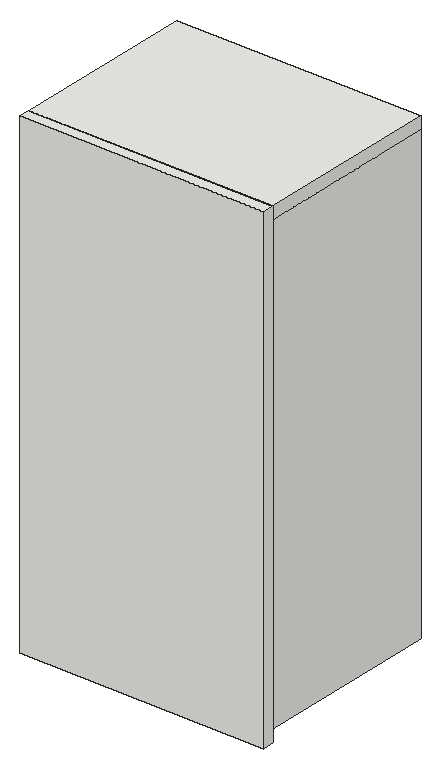
Revit family
Parameters (values of type "400x788x320-hi")
  폭 = 400 mm
  Assembly Code = ""
  높이 = 788 mm
  깊이 = 320 mm
  가구 재질 = 가구-하이그로시
Reference planes
  plane 1 "중심(앞/뒤)": y = 0
  plane 2: z = 0
  plane 3: x = -460.6
  plane 4: x = -60.6
  plane 5 "뒷면": y = 320
  plane 6: z = 788
  plane 7 "상판 하단": z = 768
  plane 8 "하판": z = 20
Forms (mm)
  Extrusion 1, solid, material "가구-하이그로시" <- "가구 재질"
    sketch origin (0, 0, 768) x (-1, 0, 0) y (0, -1, 0)
      loop
        line (460.6, -18) -> (60.6, -18) -> (60.6, -320) -> (460.6, -320) -> (460.6, -18)
    from 0 to 20
  Extrusion 2, solid, material "가구-하이그로시" <- "가구 재질"
    sketch origin (0, 0, 20) x (-1, 0, 0) y (0, -1, 0)
      loop
        line (460.6, -320) -> (460.6, -18) -> (442.6, -18) -> (442.6, -320) -> (460.6, -320)
      loop
        line (78.6, -320) -> (78.6, -18) -> (60.6, -18) -> (60.6, -320) -> (78.6, -320)
    from 0 to 748
  Extrusion 3, solid, material "가구-하이그로시" <- "가구 재질"
    sketch origin (0, 0, 20) x (-1, 0, 0) y (0, -1, 0)
      loop
        line (442.6, -320) -> (442.6, -18) -> (78.6, -18) -> (78.6, -320) -> (442.6, -320)
    from 0 to 20
  Extrusion 4, solid
    sketch origin (0, 320, 0) x (-1, 0, 0) y (0, 0, 1)
      loop
        line (78.6, 768) -> (78.6, 40) -> (442.6, 40) -> (442.6, 768) -> (78.6, 768)
    from -20 to 0
  Extrusion 5, solid, material "가구-하이그로시" <- "가구 재질"
    sketch origin (0, 0, 0) x (1, 0, 0) y (0, 1, 0)
      loop
        line (-60.6, 0) -> (-60.6, 18) -> (-460.6, 18) -> (-460.6, 0) -> (-60.6, 0)
    from 0 to 788
Lines and regions (mm)
  symbolic lines, style "HID"
    curve 1: line (-460.6, 320, 0) -> (-60.6, 320, 0)
    curve 2: line (-460.6, 0, 0) -> (-460.6, 320, 0)
    curve 3: line (-60.6, 0, 0) -> (-460.6, 0, 0)
    curve 4: line (-60.6, 320, 0) -> (-60.6, 0, 0)
Dimensions and locks
  "폭": plane 3 to plane 4
  "깊이": plane 5 "뒷면" to plane 1 "중심(앞/뒤)"
  "높이": plane 6 to level
  plane 6 to plane 7 "상판 하단" = 20 mm
  locked: Extrusion 1 to Extrusion 2 sketch curve at 18
  locked: Extrusion 2 sketch curve to Extrusion 1 at 18
  plane 8 "하판" to level = 20 mm
  aligned and locked: plane 5 "뒷면" to Extrusion 1 sketch curve
  aligned and locked: Extrusion 1 sketch curve to plane 4
  aligned and locked: plane 3 to Extrusion 1 sketch curve
  aligned and locked: Extrusion 1 to plane 6
  aligned and locked: Extrusion 2 sketch curve to plane 3
  aligned and locked: Extrusion 2 sketch curve to Extrusion 1  (x3)
  aligned and locked: plane 4 to Extrusion 2 sketch curve
  aligned and locked: Extrusion 2 sketch curve to plane 5 "뒷면"
  aligned and locked: plane 7 "상판 하단" to Extrusion 2
  aligned and locked: Extrusion 3 sketch curve to plane 5 "뒷면"
  aligned and locked: Extrusion 3 sketch curve to Extrusion 2
  aligned and locked: Extrusion 2 to Extrusion 3 sketch curve
  aligned and locked: Extrusion 3 sketch curve to Extrusion 1
  aligned and locked: Extrusion 1 to Extrusion 4 sketch curve
  aligned and locked: Extrusion 4 sketch curve to Extrusion 2
  aligned and locked: Extrusion 4 sketch curve to Extrusion 3
  aligned and locked: Extrusion 2 to Extrusion 4 sketch curve
  aligned and locked: Extrusion 5 sketch curve to plane 3
  aligned and locked: plane 4 to Extrusion 5 sketch curve
  aligned and locked: Extrusion 5 sketch curve to Extrusion 1
  aligned and locked: Extrusion 5 sketch curve to plane 1 "중심(앞/뒤)"
  aligned and locked: Extrusion 5 to plane 6
  aligned and locked: plane 4 to curve 4
  aligned and locked: curve 1 to plane 5 "뒷면"
  aligned and locked: curve 2 to plane 3
  aligned and locked: curve 3 to plane 1 "중심(앞/뒤)"
Automatic sketch dimensions
  Extrusion 1 sketch curve to plane 1 "중심(앞/뒤)" = 18 mm
